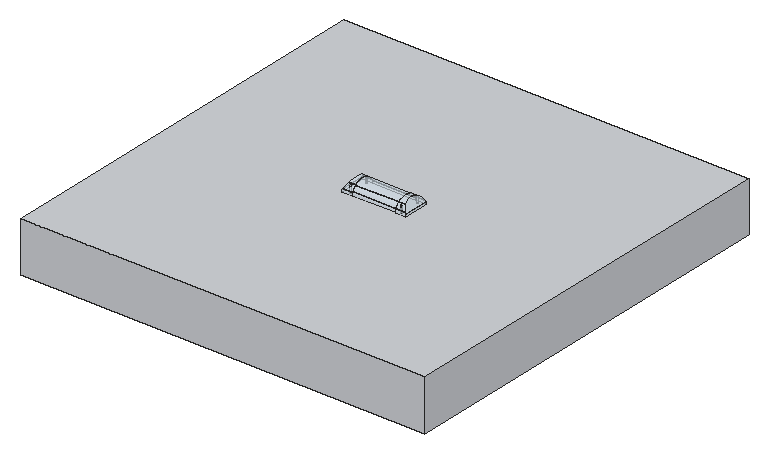
Revit family "GALAD Купер LED", category Осветительные приборы, Revit 2018 (continued)
Types (2, lengths in mm): name | Файл фотометрической сетки | built-in parameter 1150142 | Климатическая зона | URL | ADSK_Наименование краткое | ADSK_Наименование | ADSK_Марка | ADSK_Код изделия
  ДБО64-6х2-004 УХЛ4 (220В с датчиком.) | "GALAD kuper dbo64-6X2-004.IES" | "IESNA:LM-63-95\r\n[TEST] Протокол №121R/10 \r\r\n[DATA] 23.11.2015\r\n[MORE] Измерение ИЦ ВНИСИ, гониофотометр RIGO-801, Ж С Ю\r\n[MANUFAC] GALAD\r\r\n[LUMCAT] \r\r\n[LUMINAIRE] Купер ДБО64-6X2-004\r\r\n[LAMPCAT] \r\r\n[LAMP]  СД, 12 Вт\r\r\n\r\nTILT=NONE\r\n1 1100 1.43 73 37 1 2 0.38 0.156 0.07\r\n1 1 12 \r\n 0 2.5 5 7.5 10 12.5 15 17.5 20 22.5 25 27.5 30 32.5 35 37.5 40 42.5 45 47.5 50\r\n 52.5 55 57.5 60 62.5 65 67.5 70 72.5 75 77.5 80 82.5 85 87.5 90 92.5 95 97.5 100\r\n 102.5 105 107.5 110 112.5 115 117.5 120 122.5 125 127.5 130 132.5 135 137.5 140\r\n 142.5 145 147.5 150 152.5 155 157.5 160 162.5 165 167.5 170 172.5 175 177.5 180\r\n 0 2.5 5 7.5 10 12.5 15 17.5 20 22.5 25 27.5 30 32.5 35 37.5 40 42.5 45 47.5 50\r\n 52.5 55 57.5 60 62.5 65 67.5 70 72.5 75 77.5 80 82.5 85 87.5 90\r\n 239.4 243.3 242.1 242.1 240.6 240.9 241.6 245.4 249.2 245.9 235 221.8 212.4 206.4\r\n 200.2 192 184.4 179 172.8 166.4 161.1 155.6 149 143.1 137.6 132.2 127.7 122.9\r\n 117.9 114.5 113.8 117.7 119.4 112.7 98.8 81.4 69.4 61.4 45 31.3 24 19.4 15.9 12.9\r\n 10 7.4 6.4 6.3 7.2 6.9 6.6 6.2 5.7 5.2 4.4 3.8 3 2.3 1.8 1.3 0.8 0.4 0.2 0.1 0 0\r\n 0.1 0.1 0 0 0 0 0\r\n 239.4 241.1 241.1 242.6 240.8 242.4 243 244.9 248.5 245.4 235.1 222.3 213.8 206.4\r\n 199.2 191.8 184.9 178.7 172.9 166.4 161.1 155.6 148.9 142.8 137.7 132.6 127.9\r\n 123.1 118.1 114.7 113.9 117.8 119.3 112.3 99.1 81.8 69.6 61.7 44.8 31.4 24 19.5\r\n 16.1 12.9 10 7.3 6.2 6.1 7 6.8 6.5 6.1 5.6 5 4.4 3.7 3 2.3 1.8 1.2 0.8 0.4 0.2 0 0\r\n 0 0 0.1 0 0 0 0 0\r\n 239.4 241.7 242.3 241.4 242 241.3 241.7 245.5 249.3 245.3 235.4 222.6 213 205.7\r\n 199.1 192.3 184.6 178.9 173.5 166.7 161 155.4 148.4 142.1 137.1 132.2 127 122.6\r\n 117.8 113.8 113 116.9 118.6 112.5 99.3 82.6 70.1 61.5 44.2 31.3 24 19.4 15.9 12.8\r\n 9.8 7.4 6.1 6.3 6.9 6.8 6.5 6.1 5.6 5 4.3 3.6 3 2.3 1.8 1.2 0.8 0.4 0.2 0 0 0 0\r\n 0.1 0 0 0 0 0\r\n 239.4 241.8 242.3 241.8 241.2 243.3 242.3 244.9 248.2 245.9 236.1 222 213.7 205.9\r\n 199.5 191.4 184.6 178.7 173.1 165.9 160.3 155.4 148.3 141.6 137.1 132.2 126.5\r\n 122.3 117.9 112.9 112.1 115.6 118.6 113.4 101 84.2 70.7 62.4 45.3 31.5 24 19.4\r\n 15.9 12.8 9.8 7.5 6.2 6.3 6.9 6.7 6.3 6 5.5 4.9 4.2 3.5 2.9 2.3 1.7 1.1 0.8 0.4\r\n 0.2 0 0 0 0 0.1 0 0 0 0 0\r\n 239.4 242.3 242.1 242.2 240.7 239.4 242.6 245.4 248.3 245 235.2 222.1 213 206\r\n 198.6 191.4 184.2 178.7 172.5 165.6 160.3 154.8 148 141.1 136.2 131.6 126.1 121.8\r\n 117.2 112.3 111.3 114.3 117.7 113.7 102.1 85.2 71.6 62.3 46.4 32 24.2 19.4 15.9\r\n 12.8 9.8 7.6 6.3 6.3 6.8 6.6 6.3 5.8 5.4 4.8 4.2 3.5 2.8 2.2 1.7 1.1 0.7 0.4 0.2 0\r\n 0 0 0.1 0.1 0 0 0 0 0\r\n 239.4 242.6 240.1 242.6 242.2 242.9 241.4 244.6 248.1 245.1 234.9 222.2 213.6\r\n 205.3 198.1 190.7 183.9 177.9 171.4 165.3 160 154.1 147.6 141.3 135.4 130.5 125.6\r\n 120.7 116.1 111.3 110 111.9 116.1 113.9 103.3 86.7 71.9 62.5 47.9 32.7 24.4 19.4\r\n 15.8 12.7 9.7 7.7 6.4 6.5 6.7 6.5 6.1 5.8 5.3 4.8 4.1 3.4 2.8 2.1 1.6 1.1 0.7 0.4\r\n 0.1 0 0 0 0.1 0 0 0 0 0 0\r\n 239.4 242.8 241.9 242.1 241 240.4 242.9 244.5 247.8 243.9 234.9 223 213.2 204.9\r\n 197.9 190.3 184 176.9 170.4 164.9 159.4 153.2 146.9 141 134.4 128.8 124.3 119.9\r\n 114.5 110.5 108.9 109.6 113.7 113 103.7 87.3 72.1 62.1 48.7 33.5 24.7 19.5 15.9\r\n 12.7 9.9 7.8 6.4 6.4 6.5 6.3 6 5.7 5.2 4.6 3.9 3.3 2.7 2.1 1.5 1 0.7 0.4 0.1 0 0 0\r\n 0.1 0 0 0 0 0 0\r\n 239.4 241.4 241.8 241.4 241.5 241.4 241.1 243.7 245.8 244.3 236.7 222.7 212.4\r\n 203.8 197.1 190.4 182.9 176.4 169.6 164.4 158.4 151.8 146.4 140.4 133.3 127.7\r\n 123.3 118.7 113.5 109.9 106.8 106.5 110.8 112.8 104.7 88.7 72.2 61.2 50.2 34.6\r\n 25.1 19.7 15.9 12.7 9.9 8 6.7 6.5 6.4 6.2 5.8 5.4 5 4.5 3.9 3.2 2.6 2 1.5 1 0.6\r\n 0.3 0.1 0 0 0.1 0.1 0 0 0 0 0 0\r\n 239.4 241.1 242.2 241.6 241.5 241.2 242.5 243.1 244.7 243.4 235.3 222.9 211.4\r\n 203.8 196.6 189.5 182.1 175.4 169.1 163.5 157.6 151.4 145.6 139.6 132.9 126.9 122\r\n 116.8 112.2 108.5 104.4 103.8 107.7 111.4 105.6 89.8 72.3 61.1 50.3 36 25.9 19.8\r\n 15.9 12.8 10 8.2 6.8 6.6 6.3 5.9 5.6 5.1 4.8 4.3 3.7 3.1 2.5 1.9 1.4 0.9 0.6 0.3\r\n 0.1 0 0 0.1 0.1 0 0 0 0 0 0\r\n 239.4 241.4 241.2 242.6 240.8 239.9 241 241.7 243.5 242.7 235.8 223.4 212.1 203.5\r\n 196 189.1 181.6 175.2 168.6 162.6 156.9 150.4 144.8 139.1 132.4 125.7 120.2 115.2\r\n 111.1 106.4 102.7 101.3 103.5 108.8 106.2 91.9 73.1 60.5 51.4 38.5 26.9 20.3 16.1\r\n 12.8 10.1 8.3 7.1 6.7 6.2 5.8 5.3 5 4.6 4.1 3.5 2.9 2.3 1.8 1.4 0.9 0.6 0.3 0.1 0\r\n 0 0 0.1 0 0 0 0 0 0\r\n 239.4 240.1 240.4 241.9 242 240.7 240.8 241.5 242.4 242.5 236 224.1 211.5 202.4\r\n 195.3 188.9 181 174.2 168.1 161.9 155.9 150 143.8 137.6 131.7 124.9 118.6 113.9\r\n 109 104.3 100.7 98.1 99.3 104.2 105.7 92.8 73.4 60 51.1 40.1 28.3 20.8 16.3 12.9\r\n 10.2 8.5 7.3 6.9 6.3 5.7 5.2 4.7 4.3 3.8 3.3 2.7 2.2 1.7 1.2 0.9 0.5 0.2 0.1 0 0 0\r\n 0.1 0 0 0 0 0 0\r\n 239.4 242.1 241.5 241.9 239.9 239.4 240.3 240.3 241.4 242.6 235.1 224 212.3 202.4\r\n 195 188.1 180.4 172.9 167.1 161.1 155.3 149.4 143.1 136.6 130.4 123.8 117.5 111.6\r\n 106.5 102.4 98 94.9 94.7 99.1 103.7 95 75.2 59.7 50.4 41.1 29.8 21.6 16.5 13 10.4\r\n 8.5 7.5 6.8 6.2 5.6 5 4.5 4 3.5 3 2.5 2 1.5 1.1 0.8 0.4 0.2 0.1 0.1 0.1 0 0 0 0 0\r\n 0 0 0\r\n 239.4 243 240.9 242 241.1 240.7 239.6 239.7 240.7 241.4 235.6 225.1 212.9 202.1\r\n 194.2 187.2 180.3 172.6 166.2 160.6 154.5 148.2 141.9 135.6 129.1 122.7 116.1\r\n 109.6 104.3 99.5 95 91.8 90.5 92.7 98.5 95.6 76.2 59 49.2 40.8 31.2 22.4 16.8 13.1\r\n 10.5 8.7 7.5 6.8 6.1 5.5 4.9 4.3 3.8 3.3 2.7 2.2 1.8 1.4 1 0.6 0.3 0.2 0.1 0.1 0\r\n 0.1 0 0 0 0 0 0 0\r\n 239.4 242.8 240.5 241.9 240.8 237.9 238.7 238.1 240.6 240.9 235.1 225.7 213.2 203\r\n 193.6 186.9 179.7 172.3 165.2 159.9 153.1 147.3 140.9 133.8 128 121.5 114.2 108.2\r\n 101.9 96.3 92 88.1 85.9 86.4 91.8 95.2 79.2 59.1 48 39.8 31.7 23.4 17.3 13.4 10.6\r\n 8.7 7.5 6.6 5.9 5.3 4.7 4.2 3.6 3 2.5 2 1.6 1.2 0.8 0.5 0.3 0.1 0.1 0.1 0.1 0.1 0\r\n 0 0 0 0 0 0\r\n 239.4 241.6 241.1 241.6 240.1 239.8 237.1 238.2 238.3 239.4 234.8 226.1 213.6\r\n 202.5 193.2 186.1 178.9 171 164.6 158.1 151.9 145.9 139 132.3 126.6 119.5 112.6\r\n 106.2 99.9 93.7 88.6 84.7 81.5 80.5 84 89.5 80.2 58.5 46.2 38.5 31.6 24.5 17.8\r\n 13.5 10.6 8.7 7.4 6.5 5.8 5.2 4.6 4 3.4 2.8 2.3 1.8 1.4 1 0.7 0.4 0.2 0.1 0.1 0.1\r\n 0.1 0.1 0 0 0 0 0 0 0\r\n 239.4 243 240 243.3 239.9 238.7 237.5 237.4 236.8 238.4 234.5 225.5 213.8 203.6\r\n 193.3 184.9 178.8 170.7 163.8 156.8 150.3 144.8 137.9 130.9 124.9 117.6 111.1\r\n 104.3 97.4 90.9 85.3 80.5 76.6 74.5 75.5 80.7 79.4 59.5 44.9 36.5 30.4 24.4 18.4\r\n 13.7 10.7 8.7 7.2 6.2 5.6 4.9 4.3 3.8 3.2 2.7 2.1 1.7 1.3 0.9 0.6 0.3 0.1 0.1 0.1\r\n 0.1 0.1 0.1 0.1 0 0 0 0 0 0\r\n 239.4 242.8 241.1 240.8 240.3 238 236.3 234.8 236.4 237.1 234.3 225.6 213.4 203.8\r\n 192.9 184.9 177 169.6 162.7 155.2 149 142.2 136 129 122 115.4 108.5 101.6 94.8\r\n 88.5 82.3 76.3 71.3 68.2 67.6 71.2 74.6 61.2 43.3 34.1 28.5 23.8 19 14.1 10.7 8.5\r\n 7 6 5.3 4.7 4.1 3.5 3 2.4 2 1.5 1.1 0.8 0.5 0.2 0.1 0.1 0.1 0.1 0.1 0.1 0 0.1 0 0\r\n 0 0 0\r\n 239.4 241.9 239.5 242.6 239 238.4 236.4 234.3 235.1 233.2 233.5 226.3 214.5 204.3\r\n 193.5 185.5 176.1 168.1 160.7 154.1 147.4 140.4 134.2 125.5 115.5 112.5 105.7 98.8\r\n 91.9 85.2 78.6 72.7 67.3 63 60.7 61.7 66.6 59.6 42.9 31.8 25.6 21.5 18 14.2 10.7\r\n 8.3 6.8 5.7 5 4.4 3.8 3.3 2.8 2.2 1.7 1.3 1 0.7 0.4 0.2 0 0.1 0.1 0.1 0.1 0.1 0.1\r\n 0.1 0 0 0 0 0\r\n 239.4 241.5 240.6 240.4 239.6 238 235.1 232.5 232.7 234 232.5 226.9 215 203.8\r\n 193.6 184.5 176.1 167.6 159.4 152.3 145.1 138.3 131.2 122.3 110.8 107.4 102.6 95.5\r\n 88.6 81.6 74.7 68.2 62.6 57.5 54 53.1 55.3 56 42.4 30.3 23.2 18.9 15.9 13.3 10.5\r\n 8.1 6.5 5.4 4.7 4.1 3.6 3.1 2.5 2 1.5 1.1 0.9 0.6 0.3 0.1 0 0.1 0.1 0.1 0.1 0.1\r\n 0.1 0.1 0 0 0 0 0\r\n 239.4 241.3 241.3 239.4 239.7 237.7 234.8 232.8 230.6 233 230.7 226.2 216.8 205\r\n 193.2 184.9 175.3 167.3 157.6 150.5 142.7 136 128.7 120.8 109.4 103.5 98.9 91.8\r\n 84.5 77.4 70.6 63.9 57.8 52.6 48.6 46.4 46.6 48.3 41.1 30.1 22.1 17.2 14 11.6 9.7\r\n 7.8 6.1 5.1 4.4 3.8 3.3 2.8 2.3 1.8 1.3 0.9 0.6 0.4 0.2 0.1 0.1 0 0.1 0.1 0.1 0.1\r\n 0.1 0.1 0 0 0 0 0\r\n 239.4 242 240.9 240.4 239.2 236.3 235.2 232 228.8 230.6 230.4 224.5 216.5 205.4\r\n 193.3 183.4 174.3 166 157.3 149.4 140.9 133.1 125.4 117.9 109.6 102 95.1 87.4 80\r\n 72.7 65.6 59.1 52.9 47.6 43.4 40.4 39.4 40 37.6 30.1 22.3 16.5 12.8 10.4 8.6 7.1\r\n 5.8 4.8 4.1 3.5 3.1 2.5 2.1 1.6 1.1 0.8 0.5 0.3 0.2 0.1 0 0.1 0.1 0.1 0.1 0.1 0.1\r\n 0 0 0 0 0 0\r\n 239.4 242 240.1 239.3 239.9 236.5 234.9 231.9 228.7 227.8 228.3 225.4 215.3 205.1\r\n 193.4 183.7 173.5 164.6 155.3 146.8 139.1 131.1 122.8 114.6 106.1 97.8 90 82.5\r\n 74.9 67.8 60.8 54.3 48.4 43.3 39.2 36.1 34.3 33.7 32.5 27.9 21.8 16.1 12 9.5 7.7\r\n 6.4 5.3 4.5 3.8 3.2 2.7 2.3 1.8 1.4 1 0.6 0.4 0.3 0.2 0.2 0.1 0.1 0.1 0.1 0.1 0.1\r\n 0.1 0 0 0 0 0 0\r\n 239.4 242.5 240 239.4 238.4 237.4 234 231 228.4 226 225.2 223.9 215.8 204.6 193.1\r\n 182.1 172.8 163.1 153.7 145 136.5 127.7 119.4 110.6 101.7 93.4 85.4 77.7 70.4 63.3\r\n 56.3 50 44.4 39.4 35.2 31.7 29.2 28 27 24.1 20.4 16 11.9 8.9 7 5.7 4.7 4.1 3.5 3\r\n 2.5 2.1 1.7 1.2 0.9 0.5 0.3 0.2 0.2 0.2 0.1 0.1 0.1 0.1 0.1 0.1 0.1 0.1 0 0 0 0 0\r\n 239.4 242.4 241.6 238.9 237.8 237.6 233.6 229.5 228.1 225.3 224.4 221.8 214.5\r\n 205.6 192.8 180.9 170.8 161.4 152.3 143.2 134.2 125.2 116 106.3 97.1 88.7 80.8\r\n 73.3 66 58.9 52.2 46 40.5 35.8 31.7 28 25.2 23.3 22 20.1 17.2 14.1 10.9 8.1 6.3\r\n 5.2 4.3 3.7 3.2 2.7 2.3 1.9 1.5 1.1 0.8 0.4 0.2 0.1 0.2 0.2 0.1 0.1 0 0.1 0 0 0.1\r\n 0.1 0 0 0 0 0\r\n 239.4 241.4 241 238 237 236 233.6 229.8 226.2 223.4 221.8 220.6 214.3 204.3 193.1\r\n 181.1 169.7 159.7 150.4 140.4 131 121.3 111.8 101.6 92.6 84.4 76.5 68.9 61.5 54.5\r\n 48 42.3 37.2 32.4 28.2 24.4 21.3 19.1 17.6 16 14 11.8 9.6 7.6 5.8 4.6 3.9 3.4 3\r\n 2.6 2.1 1.6 1.3 0.9 0.6 0.4 0.2 0.1 0.2 0.2 0.2 0.1 0.1 0.1 0.1 0 0.1 0.1 0 0 0 0\r\n 0\r\n 239.4 239.6 242 239.2 237.1 234.9 234.3 230.7 226 223.2 220.9 218.1 213.4 204.1\r\n 193.3 180.2 168.6 157.7 147.9 137.9 127.8 117.6 107.4 97.6 88.5 80.1 72.2 64.6\r\n 57.1 50.2 44.2 38.9 33.9 29.5 25.4 21.8 18.7 16.2 14.5 13 11.3 9.4 7.8 6.3 5.1 4.2\r\n 3.5 3.1 2.7 2.3 2 1.5 1.1 0.8 0.6 0.4 0.2 0.1 0.1 0.2 0.2 0.1 0 0 0 0 0.1 0.1 0 0\r\n 0 0 0\r\n 239.4 240.8 241.4 238.2 237.5 233.9 231.9 231.4 226.7 221.8 217.7 216.6 212.3\r\n 204.4 193.3 180.7 167.9 156.7 145.9 135.1 124.6 114.1 103.6 93.8 84.9 76.3 68.1\r\n 60.5 53.4 46.9 41.3 36.2 31.6 27.1 23 19.4 16.5 14.2 12.5 10.9 9.4 7.9 6.4 5.3 4.4\r\n 3.8 3.3 2.8 2.4 2 1.7 1.4 1 0.8 0.6 0.4 0.3 0.2 0.1 0.2 0.2 0.1 0.1 0 0 0 0.1 0.1\r\n 0 0 0 0 0\r\n 239.4 239.6 241.8 238.9 236.6 233.6 231.1 229.6 227.8 224 219 214.4 210.1 203.4\r\n 192.8 180.8 168.3 155.7 144.1 133 121.6 110.7 100 90.3 80.8 72.4 64.4 56.9 50 43.8\r\n 38.6 33.9 29.5 25.3 21.4 18 15.2 12.7 10.9 9.5 8 6.6 5.4 4.6 3.8 3.2 2.8 2.4 2.2\r\n 1.9 1.5 1.3 1 0.8 0.6 0.4 0.3 0.2 0.1 0.1 0.2 0.1 0.1 0.1 0 0 0.1 0.1 0 0 0 0 0\r\n 239.4 239.6 240.5 239.6 237.5 235.8 229.2 226.8 224.6 220.7 217.6 212.8 209.5\r\n 202.4 192.7 180.8 167.3 154.6 142.5 130 118.3 107.2 96.5 86.8 77.4 68.9 60.9 53.7\r\n 47.3 41.8 36.8 32.3 27.9 23.7 19.9 16.7 14.1 11.9 10.2 8.5 6.9 5.6 4.5 3.8 3.4 2.9\r\n 2.5 2.3 2 1.8 1.5 1.3 1 0.8 0.6 0.4 0.4 0.2 0.1 0.1 0.1 0.2 0.1 0 0 0 0 0.1 0 0 0\r\n 0 0\r\n 239.4 238.5 241.3 239.7 236 235 232.6 227.5 223.7 220.3 215.4 210.6 205.5 200.2\r\n 191.6 180.3 167.1 153.5 140.7 128.2 115.7 104.2 93.6 83.5 74.1 65.9 58.1 51.1 45\r\n 39.8 35 30.6 26.5 22.5 18.8 15.8 13.2 11.1 9.4 7.6 6.2 5 3.8 3.2 2.8 2.5 2.3 2.2 2\r\n 1.8 1.5 1.3 1 0.8 0.6 0.4 0.4 0.2 0.1 0.1 0.1 0.1 0.1 0 0 0 0 0.1 0 0 0 0 0\r\n 239.4 239.2 241.7 239.5 236.3 235.3 232.2 228.5 224.9 221.4 215.9 210.6 205.2 199\r\n 190.5 179 166.6 152.5 139 125.8 113.4 101.8 90.9 81 71.7 63.2 55.8 49.3 43.4 38.3\r\n 33.8 29.5 25.2 21.2 17.7 15 12.6 10.6 8.9 7.1 5.3 4.2 3.5 3 2.6 2.3 2.2 2.1 2 1.8\r\n 1.5 1.3 1 0.8 0.6 0.5 0.4 0.3 0.1 0.1 0.1 0.2 0.1 0 0 0 0 0.1 0 0 0 0 0\r\n 239.4 238.3 239.5 239.1 237.1 232.8 232.1 228.7 223.6 220.1 215.5 209.4 202.4\r\n 196.3 189.1 178.6 166.3 152.9 138.9 125.3 112.2 100.3 89.1 78.7 69.2 61.2 54 47.5\r\n 41.9 36.9 32.5 28.2 24.1 20.3 17 14.2 11.9 10 8.2 6.3 4.8 3.6 3 2.6 2.3 2.2 2.1 2\r\n 1.8 1.7 1.5 1.2 1 0.8 0.6 0.5 0.4 0.3 0.1 0.1 0.1 0.2 0.1 0.1 0 0 0 0.1 0 0 0 0 0\r\n 239.4 239.2 237.9 238.9 235.6 232.5 229.8 227.5 222.3 218.3 214 207.9 202.3 195.8\r\n 187.5 177.9 166 152.8 138.6 124.2 110.5 98.3 87 76.7 67.5 59.8 52.9 46.6 41 36.1\r\n 31.5 27.3 23.3 19.7 16.5 13.8 11.6 9.6 7.8 5.2 4.2 3.3 2.7 2.3 2.1 2 1.9 1.8 1.8\r\n 1.6 1.4 1.2 1 0.8 0.7 0.5 0.4 0.3 0.2 0.1 0.1 0.1 0.1 0 0 0 0 0.1 0 0 0 0 0\r\n 239.4 237.4 238.1 236.6 235.9 231.1 227.6 225.1 222.5 216.9 213.1 208.9 201.8\r\n 194.3 187.1 177.9 166.4 154 140 124.9 110.7 97.6 86.1 75.6 66.2 58.3 51.5 45.5 40\r\n 35.1 30.7 26.6 22.7 19.2 15.8 13.2 11 9.3 6.2 4.6 3.1 2.5 2.1 2 1.9 1.9 1.8 1.8\r\n 1.7 1.6 1.4 1.2 1 0.9 0.7 0.5 0.4 0.3 0.1 0.1 0.1 0.1 0.1 0.1 0 0 0 0.1 0 0 0 0 0\r\n 239.4 238.6 236.7 235.8 233.8 232.1 227.6 223.4 221.6 218.6 212.2 205.7 200.6\r\n 193.8 186.3 177.3 166.7 154 139.8 124.2 109.4 96.4 84.6 74.1 65 57.7 51.1 45 39.6\r\n 34.7 30.1 25.9 22 18.8 15.7 13.2 10.9 9.3 5.5 3.3 2.4 2.1 1.9 1.9 1.9 1.9 1.8 1.7\r\n 1.7 1.6 1.4 1.2 1 0.9 0.8 0.5 0.4 0.3 0.2 0.1 0.1 0.1 0.1 0.1 0 0 0 0.1 0 0 0 0 0\r\n 239.4 236.5 235.5 234.9 233.3 231.6 228.4 225.3 221.9 217.4 211.8 205.9 199.9\r\n 193.6 185.1 177.4 167.3 155.7 141.2 125.7 110.4 96.4 83.9 73.6 64.6 56.9 50.2 44.3\r\n 39.1 34.2 29.9 25.8 21.8 17.8 14.6 12 10.4 8.6 4.6 3 2.8 2.3 2 1.9 1.9 1.9 1.9 1.8\r\n 1.7 1.6 1.4 1.2 1 0.9 0.7 0.5 0.4 0.3 0.2 0.1 0.1 0.2 0.2 0.1 0 0 0 0.1 0 0 0 0 0\r\n 239.4 237.5 236.5 235.6 233.9 231.1 230.7 226.1 220.7 214.5 211.7 206.9 199.2\r\n 192.4 185.8 177 167.1 154.6 140.1 124.7 109.2 95.1 83.3 72.9 64.2 56.9 50.5 44.5\r\n 39.1 34.2 29.7 25.4 21.4 17.8 14.6 12.1 10.5 8.8 4.4 3.1 2.8 2.3 2 1.8 2 1.9 1.9\r\n 1.8 1.6 1.5 1.4 1.2 1 0.9 0.8 0.6 0.4 0.3 0.2 0.1 0.1 0.2 0.1 0.1 0 0 0 0.1 0 0 0\r\n 0 0\r\n" | "УХЛ5" | "https://galad.ru/catalog/indoor/zhkh/kuper-led/dbo64-6-2-004-uhl4-220v-s-datchikom/" | "ДБО64-6х2-004 УХЛ4 (220В с датчиком.)" | "ДБО64-6х2-004 УХЛ4 (220В с датчиком.)" | "ДБО64-6х2-004 УХЛ4 (220В с датчиком.)" | "2654"
